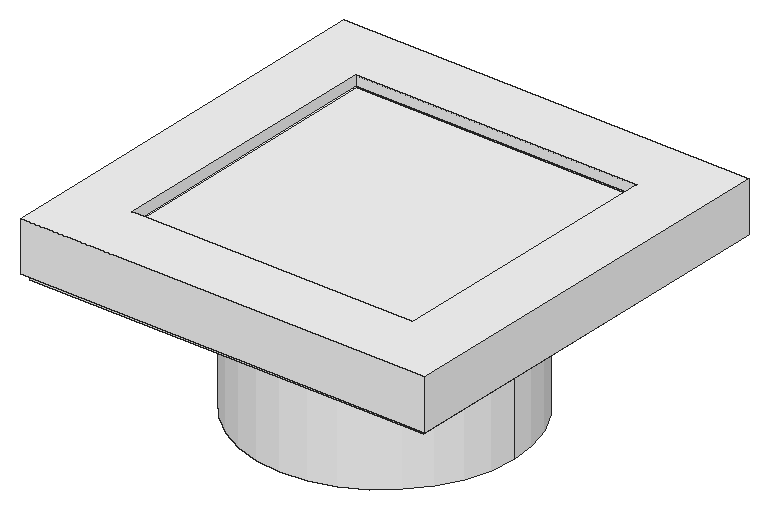
Revit family "Gira_039201", category Electrical Fixtures, host Face, Revit 2017
Family settings
  Host = Face
  Maintain Annotation Orientation = Yes
  Round Connector Dimension = Use Diameter
  Part Type = Normal
  Cut with Voids When Loaded = No
  Shared = No
  Room Calculation Point = No
Parameters (values of type "RTR 230/10 (4) A Öffner Aus + Kontroll System 55 Cremeweiß")
  White [instance] = White
  URL = "http://katalog.gira.de/de_DE/datenblatt.html?artikelnr=039201"
  Typ Kontakt = "Öffner"
  Thermische Rückkopplung = "ohne"
  Temperatur ablesbar = "No"
  Sensor extern = "No"
  Schutzart (IP) = "IP20"
  Region = "DE"
  Regelcharakteristik = "sonstige"
  RAL-Nummer = "1013 "
  Name = "RTR 230/10 (4) A Öffner Aus + Kontroll System 55 Cremeweiß"
  Montageart = "auf Putz"
  Model = "Sys55_Komplettgerät_Schalten und Tasten"
  Mit Trinkwasserschaltung = "No"
  Mit Geräuschniveauanzeige = "No"
  Mit Empfänger = "No"
  Mit Display = "No"
  Messbereich unterer Wert = "5 m/s"
  Messbereich oberer Wert = "30 m/s"
  Manufacturer URL = "https://www.gira.de/"
  Kühlen = "No"
  Heizen = "Yes"
  HeinzeBIM = "https://bimportal.heinze.de/bim/rtr-230-10-4-a-oeffner-aus-kontroll-system-55-cremeweiss/11362717f9d1dcdf7ca8555f075ec522cddf3a97"
  HAN = "039201"
  GTIN = "4010337392019"
  Farbe = "cremeweiß"
  Explosionsgeschützt = "No"
  Differenz verstellbar = "No"
  Default Elevation = 1219.2 mm
  Data sheet (1) = "https://katalog.gira.de/de_DE/download.html?artikelnr=039201"
  Category = "Raumthermostat"
  Bedienung = "Dreh"
  Available = "Yes"
  Ausführung Aufnehmer/Fühler = "sonstige"
  Ausführung = "An/Aus"
  Art der Spannungsversorgung = "230V AC"
  Anschluss = "Zweidraht"
Reference planes
  plane 1 "Center (Front/Back)": y = 0
  plane 2: z = 0
  plane 3 "Center (Left/Right)": x = 0
Forms (mm)
  Extrusion 1, solid, material "White" <- "White", detail levels medium
    sketch origin (0, 0, 0) x (1, 0, 0) y (0, 1, 0)
      loop
        line (-40.4, 40.4) -> (-40.4, -40.4) -> (40.4, -40.4) -> (40.4, 40.4) -> (-40.4, 40.4)
      loop
        line (-28, 28) -> (-28, -28) -> (28, -28) -> (28, 28) -> (-28, 28)
    from 0 to 10
  Extrusion 2, solid, material "White" <- "White", detail levels fine
    sketch origin (0, 0, 0) x (1, 0, 0) y (0, 1, 0)
      loop
        line (-40.4, 40.4) -> (-40.4, -40.4) -> (40.4, -40.4) -> (40.4, 40.4) -> (-40.4, 40.4)
      loop
        line (-28, 28) -> (-28, -28) -> (28, -28) -> (28, 28) -> (-28, 28)
    from 0 to 10
  Extrusion 3, void
    sketch origin (0, 0, 0) x (1, 0, 0) y (0, 1, 0)
      loop
        line (-38.4, 38.4) -> (-38.4, -38.4) -> (38.4, -38.4) -> (38.4, 38.4) -> (-38.4, 38.4)
    from 0 to 8
  Extrusion 4, solid, material "White" <- "White", detail levels medium+fine
    sketch origin (0, 0, 0) x (1, 0, 0) y (0, 1, 0)
      loop
        line (-39.4, 39.4) -> (-39.4, -39.4) -> (39.4, -39.4) -> (39.4, 39.4) -> (-39.4, 39.4)
    from 0 to -1
  Extrusion 5, solid, material "White" <- "White", detail levels medium+fine
    sketch origin (0, 0, 0) x (1, 0, 0) y (0, 1, 0)
      loop
        line (-35.5, 35.5) -> (-35.5, -35.5) -> (35.5, -35.5) -> (35.5, 35.5) -> (-35.5, 35.5)
    from -2 to -3
  Extrusion 6, solid, material "White" <- "White", detail levels medium+fine
    sketch origin (0, 0, 0) x (1, 0, 0) y (0, 1, 0)
      loop
        circle (0, 0) r 26
    from 0 to -27.5
  Extrusion 7, solid, material "White" <- "White", detail levels coarse
    sketch origin (0, 0, 0) x (1, 0, 0) y (0, 1, 0)
      loop
        line (-40.4, 40.4) -> (-40.4, -40.4) -> (40.4, -40.4) -> (40.4, 40.4) -> (-40.4, 40.4)
    from -27.5 to 10
Cuts and joins
  Extrusion 3 cuts Extrusion 2
Dimensions and locks
  aligned and locked: plane 2 to host face
  aligned and locked: level to host face
  aligned and locked: plane 3 "Center (Left/Right)" to nested 2
  aligned and locked: plane 1 "Center (Front/Back)" to nested 2
Nested families
  nested 1: "Sys55_Abdeckung_Schalten und Tasten_floor_base" at (0, 0, 0), type "Sys55_Abdeckung_Schalten und Tasten_floor_base"
  nested 2: "Schalter" at (0, 0, 0), type "Schalter"
Connectors
  electrical at (0, 0, -27.5)
    settings: on Extrusion 6, index 1, voltage 220 V, apparent load 0 VA, apparent load phase1 0 VA, apparent load phase2 0 VA, apparent load phase3 0 VA, power factor 1, load classification "Other", number of poles 1, system type 30, power factor state 1, is connector primary yes, connector utility no, sub classification motor no, connector description ""
Definition of nested family "Sys55_Abdeckung_Schalten und Tasten_floor_base"
  Parameters
    Default Elevation = 1219.2 mm
    White [instance] = none
  Reference planes
    plane 1 "Center (Front/Back)": y = 0
    plane 2: z = 0
    plane 3 "Center (Left/Right)": x = 0
  Forms (mm)
    Extrusion 1, solid
      sketch origin (0, 0, 0) x (1, 0, 0) y (0, 1, 0)
        loop
          line (-1219.2, 1219.2) -> (-1219.2, -1219.2) -> (1219.2, -1219.2) -> (1219.2, 1219.2) -> (-1219.2, 1219.2)
      from 0 to -304.8
    Extrusion 2, solid, material <- "White", detail levels fine
      sketch origin (0, 0, 0) x (1, 0, 0) y (0, 1, 0)
        loop
          line (-27.5, 27.5) -> (-27.5, -27.5) -> (27.5, -27.5) -> (27.5, 27.5) -> (-27.5, 27.5)
      from 0 to 8
    Extrusion 3, void
      sketch origin (0, 0, 0) x (1, 0, 0) y (0, 1, 0)
        loop
          line (26, 26) -> (-26, 26) -> (-26, -26) -> (26, -26) -> (26, 26)
      from 0 to 6
    Extrusion 4, solid, material <- "White", detail levels medium
      sketch origin (0, 0, 0) x (1, 0, 0) y (0, 1, 0)
        loop
          line (-27.5, 27.5) -> (-27.5, -27.5) -> (27.5, -27.5) -> (27.5, 27.5) -> (-27.5, 27.5)
      from 0 to 8
    Extrusion 5, solid, material <- "White", detail levels medium
      sketch origin (0, 0, 0) x (1, 0, 0) y (0, 1, 0)
        loop
          line (11, -17.5) -> (11, 17.5) -> (-11, 17.5) -> (-11, -17.5) -> (11, -17.5)
      from -6 to 6
    Extrusion 6, solid, material <- "White", detail levels fine
      sketch origin (0, 0, 0) x (1, 0, 0) y (0, 1, 0)
        loop
          line (11, 17.5) -> (-11, 17.5) -> (-11, 16.5) -> (11, 16.5) -> (11, 17.5)
        loop
          line (-11, -16.5) -> (-11, -17.5) -> (11, -17.5) -> (11, -16.5) -> (-11, -16.5)
      from -4 to 6
    Extrusion 7, solid, material <- "White", detail levels fine
      sketch origin (0, 0, 0) x (1, 0, 0) y (0, 1, 0)
        loop
          arc (5, 9.347) -> (0, 10.6) -> (-5, 9.347) r 10.6
          line (-5, 9.347) -> (-5, -9.347)
          arc (-5, -9.347) -> (0, -10.6) -> (5, -9.347) r 10.6
          line (5, -9.347) -> (5, 9.347)
      from -6 to 6
    Extrusion 8, solid, material <- "White", detail levels coarse
      sketch origin (0, 0, 0) x (1, 0, 0) y (0, 1, 0)
        loop
          line (-27.5, 27.5) -> (-27.5, -27.5) -> (27.5, -27.5) -> (27.5, 27.5) -> (-27.5, 27.5)
      from -6 to 8
  Cuts and joins
    Extrusion 3 cuts Extrusion 2
  Dimensions and locks
    aligned and locked: plane 2 to Extrusion 1
    aligned and locked: level to Extrusion 1
Definition of nested family "Schalter"
  Reference planes
    plane 1: y = 0
    plane 2: x = 0
  Lines and regions (mm)
    detail lines
      curve 1: circle (1.375, 2.778, 0) r 0.8 normal (0, 0, 1)
      curve 2: line (1.021, 2.061, 0) -> (0, 0, 0)
      curve 3: line (0, 0, 0) -> (-0.538, 0.266, 0)
  Dimensions and locks
    curve 2 to curve 2 = 2.3 mm
    curve 3 to curve 2 = 0.6 mm
    radius of curve 1 = 0.8 mm
